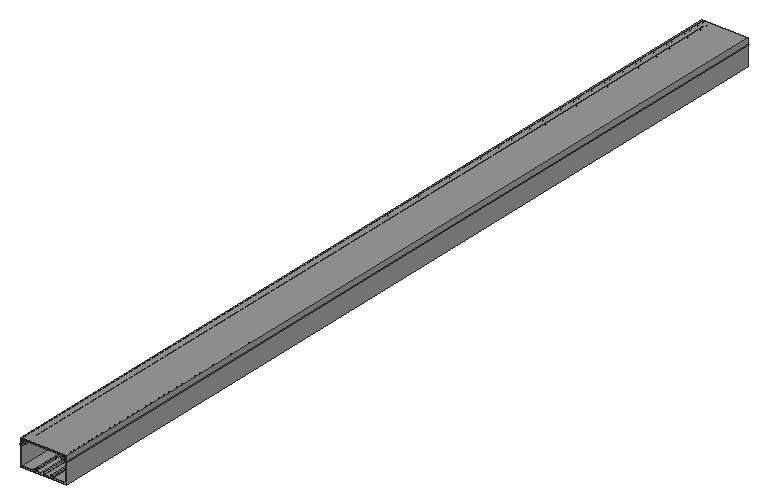
Revit family "Wand und Deckenkanal-WDK60110RW", category Generic Models, Revit 2017
Family settings
  Can host rebar = No
  Round Connector Dimension = Use Diameter
  Part Type = Normal
  Work Plane-Based = No
  Always vertical = Yes
  Cut with Voids When Loaded = No
  Shared = No
  Room Calculation Point = No
Parameters (values of type "WDK60110RW")
  Width = 110 mm
  URL = "http://www.obo-bettermann.com"
  Material = Polyvinylchlorid
  Manufacturer Art.No. = "6191215"
  Manufacturer = "OBO BETTERMANN"
  Length = 2000 mm
  GTIN = "4012196363438"
  Article Type = "WDK60110RW"
Reference planes
  plane 1 "Center (Front/Back)": y = 0
  plane 2: z = 0
  plane 3 "Center (Left/Right)": x = 0
  plane 4: x = 108.5
  plane 5: z = 58.3
  plane 6: z = 50.78
  plane 7: z = 51.3
  plane 8: z = 44.8
  plane 9: z = 49.8
  plane 10: x = 5.463
  plane 11: x = 13.163
  plane 12: x = 10.57
  plane 13: z = 55.732
  plane 14: x = 8.663
  plane 15: x = 54.25
  plane 16: x = 34.25
  plane 17: x = 74.25
  plane 18: x = 73.35
  plane 19: x = 75.15
  plane 20: z = 4.392
  plane 21: x = 71.5
  plane 22: x = 77
  plane 23: z = 7.392
  plane 24: y = 2000
  plane 25: z = 60
  plane 26: x = 108.5
  plane 27: x = 0
  plane 28: x = 54.25
  plane 29: x = 3.6
  plane 30: z = 49.96
  plane 31: z = 50.9
  plane 32: z = 46.232
Forms (mm)
  Extrusion 1, solid, material "Polyvinylchlorid" <- "Material"
    sketch origin (0, 0, 0) x (1, 0, 0) y (0, 0, 1)
      loop
        line (108.5, 44.8) -> (104.999, 49.8) -> (104.999, 51.3) -> (107.037, 51.3) -> (107.037, 52.339) -> (104.7, 57.35)
        arc (104.7, 57.35) -> (104.515, 57.73) -> (104.263, 58.069) r 2.282
        arc (104.263, 58.069) -> (103.488, 58.255) -> (103.037, 57.599) r 0.703
        line (103.037, 57.599) -> (103.037, 52.29) -> (99.224, 52.29)
        arc (99.224, 52.29) -> (98.823, 52.522) -> (98.823, 52.985) r 0.463
        line (98.823, 52.985) -> (99.697, 54.498)
        arc (99.697, 54.498) -> (99.699, 55.491) -> (98.733, 55.721) r 0.8
        line (98.733, 55.721) -> (96.455, 54.662)
        arc (96.455, 54.662) -> (96.086, 54.456) -> (95.75, 54.2) r 2.924
        arc (95.75, 54.2) -> (95.285, 53.15) -> (95.698, 52.079) r 1.5
        line (95.698, 52.079) -> (97.93, 50.79) -> (102.954, 50.79) -> (106.1, 44.043) -> (106.1, 2.392) -> (75.15, 2.392) -> (75.15, 4.392) -> (77.038, 4.392) -> (75.955, 6.389)
        arc (75.955, 6.389) -> (74.222, 7.389) -> (72.49, 6.389) r 2
        line (72.49, 6.389) -> (71.49, 4.392) -> (73.35, 4.392) -> (73.35, 2.392) -> (55.15, 2.392) -> (55.15, 4.392) -> (57.01, 4.392) -> (56.01, 6.389)
        arc (56.01, 6.389) -> (54.278, 7.389) -> (52.545, 6.389) r 2
        line (52.545, 6.389) -> (51.462, 4.392) -> (53.35, 4.392) -> (53.35, 2.392) -> (35.15, 2.392) -> (35.15, 4.392) -> (37.01, 4.392) -> (36.01, 6.389)
        arc (36.01, 6.389) -> (34.278, 7.389) -> (32.545, 6.389) r 2
        line (32.545, 6.389) -> (31.462, 4.392) -> (33.35, 4.392) -> (33.35, 2.392) -> (2.4, 2.392) -> (2.4, 44.043) -> (5.546, 50.79) -> (10.57, 50.79) -> (12.802, 52.079)
        arc (12.802, 52.079) -> (13.215, 53.15) -> (12.75, 54.2) r 1.5
        arc (12.75, 54.2) -> (12.414, 54.456) -> (12.045, 54.662) r 2.924
        line (12.045, 54.662) -> (9.767, 55.721)
        arc (9.767, 55.721) -> (8.801, 55.491) -> (8.803, 54.498) r 0.8
        line (8.803, 54.498) -> (9.677, 52.985)
        arc (9.677, 52.985) -> (9.677, 52.522) -> (9.276, 52.29) r 0.463
        line (9.276, 52.29) -> (5.463, 52.29) -> (5.463, 57.599)
        arc (5.463, 57.599) -> (5.012, 58.255) -> (4.237, 58.069) r 0.703
        arc (4.237, 58.069) -> (3.985, 57.73) -> (3.8, 57.35) r 2.282
        line (3.8, 57.35) -> (1.463, 52.339) -> (1.463, 51.3) -> (3.501, 51.3) -> (3.501, 49.8) -> (0, 44.8) -> (0, 33.365) -> (0, 0) -> (108.5, 0) -> (108.5, 44.688)
    from 0 to -2000
  Extrusion 2, solid, material "Polyvinylchlorid" <- "Material"
    sketch origin (0, 0, 0) x (1, 0, 0) y (0, 0, 1)
      loop
        line (0, 60) -> (0, 46.83)
        arc (0, 46.83) -> (0.318, 46.288) -> (0.931, 46.423) r 0.534
        line (0.931, 46.423) -> (3.501, 49.96) -> (3.501, 50.9) -> (1.4, 50.9) -> (1.4, 58.5) -> (107.1, 58.5) -> (107.1, 50.9) -> (104.999, 50.9) -> (104.999, 49.96) -> (107.569, 46.423)
        arc (107.569, 46.423) -> (108.182, 46.288) -> (108.5, 46.83) r 0.534
        line (108.5, 46.83) -> (108.5, 60) -> (0, 60)
    from -2000 to 0
Dimensions and locks
  locked: plane 5 to level at 58.3
  locked: plane 5 to plane 6 at 7.52
  locked: plane 5 to plane 7 at 7
  locked: plane 7 to plane 8 at 6.5
  locked: plane 7 to plane 9 at 1.5
  locked: plane 10 to Extrusion 1 sketch curve at 4
  locked: Extrusion 1 sketch curve to plane 11 at 7.7
  locked: plane 12 to Extrusion 1 sketch curve at 8.17
  locked: plane 13 to plane 6 at 4.952
  locked: Extrusion 1 sketch curve to Extrusion 1 sketch curve at 3.167  (x2)
  locked: Extrusion 1 sketch curve to plane 3 "Center (Left/Right)" at 13.216
  locked: Extrusion 1 sketch curve to plane 6 at 5.016
  locked: Extrusion 1 sketch curve to Extrusion 1 sketch curve at 7.512  (x2)
  Extrusion 1 sketch curve to plane 3 "Center (Left/Right)" = 1.463 mm
  Extrusion 1 sketch curve to Extrusion 1 sketch curve = 4 mm
  locked: plane 15 to Extrusion 1 sketch curve at 54.25
  locked: plane 15 to plane 16 at 20
  locked: plane 17 to plane 15 at 20
  locked: plane 17 to plane 21 at 2.75
  locked: Extrusion 1 sketch curve to Extrusion 1 sketch curve at 5.548
  locked: Extrusion 1 sketch curve to Extrusion 1 sketch curve at 4.997  (x2)
  locked: Extrusion 1 sketch curve to Extrusion 1 sketch curve at 2  (x2)
  locked: Extrusion 1 sketch curve to Extrusion 1 sketch curve at 1.8  (x3)
  locked: Extrusion 1 sketch curve to Extrusion 1 sketch curve at 2.997  (x2)
  locked: plane 1 "Center (Front/Back)" to plane 24 at 2000
  locked: plane 25 to level at 60
  Extrusion 1 to Extrusion 1 = 108.5 mm
  locked: Extrusion 1 to plane 28 at 54.25
  locked: plane 26 to plane 27 at 108.5
  locked: plane 28 to plane 27 at 54.25
  locked: plane 31 to plane 30 at 0.94
  plane 31 to plane 32 = 4.668 mm
  locked: Extrusion 2 sketch curve to Extrusion 2 sketch curve at 1.5
  locked: Extrusion 2 sketch curve to Extrusion 2 sketch curve at 108.5
  locked: Extrusion 2 sketch curve to Extrusion 2 sketch curve at 1.4  (x2)
  locked: Extrusion 2 sketch curve to Extrusion 2 sketch curve at 4.657  (x2)
  locked: Extrusion 2 sketch curve to Extrusion 1 at 3.501
  Extrusion 2 sketch curve to Extrusion 2 sketch curve = 1.4 mm
  locked: Extrusion 1 sketch curve to Extrusion 1 sketch curve (angle 60.00°)  (x2)
  angle Extrusion 1 sketch curve to Extrusion 1 sketch curve = 60.00°
  locked: plane 6 to Extrusion 1 sketch curve (angle 30.00°)
  aligned and locked: level to plane 2
  aligned and locked: plane 12 to Extrusion 1 sketch curve
  aligned and locked: plane 1 "Center (Front/Back)" to Extrusion 1
  aligned and locked: plane 24 to Extrusion 1
  aligned and locked: Extrusion 2 sketch curve to Extrusion 2 sketch curve
  aligned and locked: plane 1 "Center (Front/Back)" to Extrusion 2
  aligned and locked: plane 24 to Extrusion 2
Automatic sketch dimensions
  Extrusion 1 sketch curve to plane 7 = 0 mm  (x2)
  Extrusion 1 sketch curve to plane 9 = 0 mm  (x2)
  Extrusion 1 sketch curve to plane 20 = 0 mm  (x5)
  Extrusion 1 sketch curve to plane 18 = 0 mm
  Extrusion 1 sketch curve to level = 0 mm
  Extrusion 1 sketch curve to plane 4 = 0 mm  (x2)
  Extrusion 1 sketch curve to plane 8 = 0 mm  (x2)
  Extrusion 1 sketch curve to plane 10 = 1.962 mm
  Extrusion 1 sketch curve to plane 10 = 1.663 mm
  Extrusion 1 sketch curve to Extrusion 1 sketch curve = 0.703 mm
  plane 6 to Extrusion 1 sketch curve = 0.01 mm  (x2)
  plane 10 to Extrusion 1 sketch curve = 0.084 mm
  plane 10 to Extrusion 1 sketch curve = 0.472 mm
  plane 14 to Extrusion 1 sketch curve = 0.141 mm
  plane 14 to Extrusion 1 sketch curve = 0.613 mm
  Extrusion 1 sketch curve to plane 13 = 0.737 mm  (x2)
  plane 6 to Extrusion 1 sketch curve = 2.205 mm
  Extrusion 1 sketch curve to plane 13 = 0.011 mm  (x2)
  plane 12 to Extrusion 1 sketch curve = 0.242 mm
  plane 12 to Extrusion 1 sketch curve = 1.146 mm
  Extrusion 1 sketch curve to plane 13 = 1.071 mm  (x2)
  Extrusion 1 sketch curve to Extrusion 1 sketch curve = 0.329 mm
  plane 7 to Extrusion 1 sketch curve = 0.779 mm  (x2)
  Extrusion 1 sketch curve to plane 16 = 2.788 mm
  Extrusion 1 sketch curve to plane 16 = 1.705 mm
  Extrusion 1 sketch curve to plane 16 = 0.9 mm
  plane 16 to Extrusion 1 sketch curve = 0.028 mm
  Extrusion 1 sketch curve to plane 23 = 1.003 mm  (x2)
  Extrusion 1 sketch curve to Extrusion 1 sketch curve = 1.86 mm  (x2)
  Extrusion 1 sketch curve to plane 15 = 2.788 mm
  Extrusion 1 sketch curve to plane 15 = 1.705 mm
  Extrusion 1 sketch curve to plane 15 = 0.9 mm
  plane 15 to Extrusion 1 sketch curve = 0.028 mm
  Extrusion 1 sketch curve to plane 21 = 0.01 mm
  Extrusion 1 sketch curve to plane 18 = 0.86 mm
  Extrusion 1 sketch curve to plane 17 = 0.028 mm
  plane 19 to Extrusion 1 sketch curve = 0.805 mm
  Extrusion 1 sketch curve to plane 4 = 12.802 mm
  Extrusion 1 sketch curve to Extrusion 1 sketch curve = 0.757 mm
  Extrusion 1 sketch curve to Extrusion 1 sketch curve = 1.086 mm
  Extrusion 1 sketch curve to Extrusion 1 sketch curve = 0.904 mm
  Extrusion 1 sketch curve to Extrusion 1 sketch curve = 0.242 mm
  Extrusion 1 sketch curve to Extrusion 1 sketch curve = 2.278 mm
  plane 7 to Extrusion 1 sketch curve = 1.685 mm
  Extrusion 1 sketch curve to Extrusion 1 sketch curve = 1.135 mm
  Extrusion 1 sketch curve to Extrusion 1 sketch curve = 0.337 mm
  Extrusion 1 sketch curve to Extrusion 1 sketch curve = 0.401 mm
  Extrusion 1 sketch curve to Extrusion 1 sketch curve = 0.472 mm
  Extrusion 1 sketch curve to Extrusion 1 sketch curve = 0.084 mm
  Extrusion 1 sketch curve to plane 5 = 0.701 mm  (x2)
  Extrusion 1 sketch curve to plane 5 = 0.95 mm
  Extrusion 1 sketch curve to Extrusion 1 sketch curve = 0.96 mm
  Extrusion 1 sketch curve to Extrusion 1 sketch curve = 2.045 mm
  Extrusion 1 sketch curve to plane 4 = 2.4 mm
  Extrusion 1 sketch curve to plane 4 = 1.463 mm
  Extrusion 1 sketch curve to Extrusion 1 sketch curve = 0 mm  (x2)
  plane 20 to Extrusion 1 sketch curve = 0.997 mm  (x3)
  Extrusion 1 sketch curve to plane 8 = 11.435 mm
  Extrusion 1 sketch curve to plane 8 = 0.757 mm  (x2)
  Extrusion 1 sketch curve to Extrusion 1 sketch curve = 1.039 mm  (x2)
  Extrusion 1 sketch curve to Extrusion 1 sketch curve = 1.104 mm
  plane 13 to Extrusion 1 sketch curve = 0.811 mm  (x2)
  Extrusion 1 sketch curve to Extrusion 1 sketch curve = 0.719 mm
  Extrusion 1 sketch curve to plane 8 = 0.112 mm
  Extrusion 2 sketch curve to plane 31 = 0 mm  (x2)
  Extrusion 2 sketch curve to plane 30 = 0 mm  (x2)
  Extrusion 2 sketch curve to plane 25 = 0 mm
  plane 3 "Center (Left/Right)" to Extrusion 2 sketch curve = 0.532 mm
  plane 32 to Extrusion 2 sketch curve = 0.191 mm  (x2)
  Extrusion 2 sketch curve to plane 29 = 0.099 mm
  Extrusion 2 sketch curve to plane 26 = 3.501 mm
  Extrusion 2 sketch curve to plane 26 = 0.532 mm
  Extrusion 2 sketch curve to Extrusion 2 sketch curve = 0.354 mm  (x2)
